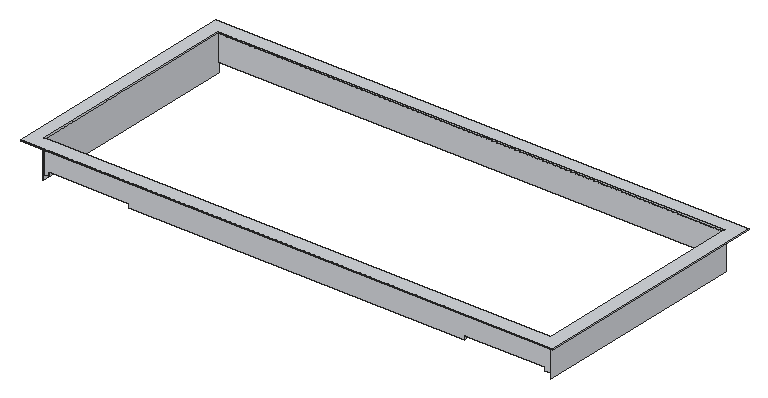
Revit family "DRLT36-2", category Generic Models, host Face, Revit 2019
Family settings
  Host = Face
  Can host rebar = No
  Round Connector Dimension = Use Diameter
  Part Type = Normal
  Cut with Voids When Loaded = No
  Shared = No
  Room Calculation Point = No
Parameters
  Default Elevation = 48.00"
Reference planes (in)
  plane 1 "Center (Front/Back)": y = 0
  plane 2: z = 0
  plane 3 "Center (Left/Right)": x = 0
Forms (in)
  Extrusion 1, solid
    sketch origin (0, 0, 0) x (1, 0, 0) y (0, 1, 0)
      loop
        line (20.0595, 9.1769) -> (-20.0595, 9.1769) -> (-20.0595, -9.1789) -> (20.0595, -9.1789) -> (20.0595, 9.1769)
      loop
        line (19.0595, 8.177) -> (-19.0595, 8.177) -> (-19.0595, -8.177) -> (19.0595, -8.177) -> (19.0595, 8.177)
    from 0 to 0.09
  Extrusion 2, solid
    sketch origin (0, 0, 0) x (1, 0, 0) y (0, 1, 0)
      loop
        line (19.0595, 8.177) -> (-19.0595, 8.177) -> (-19.0595, -8.177) -> (19.0595, -8.177) -> (19.0595, 8.177)
      loop
        line (19.1205, 8.232) -> (-19.1205, 8.232) -> (-19.1205, -8.2399) -> (19.1205, -8.2399) -> (19.1205, 8.232)
    from 0 to -2.6891
  Extrusion 3, void
    sketch origin (0, 0, 0) x (1, 0, 0) y (0, 0, 1)
      loop
        line (-19.0595, -1.9092) -> (-19.0595, -2.6891) -> (19.0895, -2.6891) -> (19.0895, -1.9092) -> (-19.0595, -1.9092)
    from -9.107 to 0
  Extrusion 4, void
    sketch origin (0, 0, -1.0291) x (1, 0, 0) y (0, 0, 1)
      loop
        line (-18.69865, -1.02785) -> (-18.69865, -1.2911) -> (-19.0595, -1.2911) -> (-19.0595, -1.66) -> (19.0895, -1.66) -> (19.0895, -1.2911) -> (18.69765, -1.2911) -> (18.69765, -1.02785) -> (12.6544, -1.02785) -> (12.6544, -1.2911) -> (-12.6544, -1.2911) -> (-12.6544, -1.02785) -> (-18.69865, -1.02785)
    from -9.107 to 9.107
Cuts and joins
  Extrusion 3, Extrusion 4 cuts Extrusion 2
Dimensions and locks (in)
  aligned and locked: plane 2 to host face
  aligned and locked: level to host face
